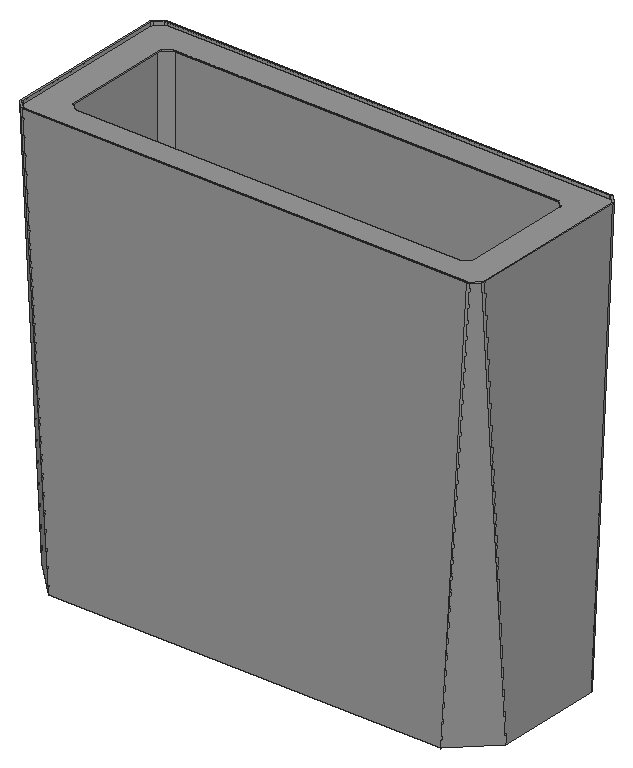
Revit family "KST-1436L-H-PL", category Furniture, Revit 2020
Family settings
  OmniClass Number = 23.40.20.00
  OmniClass Title = General Furniture and Specialties
  Work Plane-Based = No
  Always vertical = Yes
  Cut with Voids When Loaded = No
  Shared = No
  Room Calculation Point = No
Parameters (values of type "33" Tall - 14 x 36" - Planter")
  URL = "https://magnusongroup.com/products/planters/kasta.html"
  Top Material [instance] = RAL6011 GREEN
  Model = "KST-1436L-H-PL"
  Manufacturer = "Magnuson Group"
  Default Elevation = 0' - 0"
  Body Material [instance] = RAL7001 GREY
  33" Tall - 14x36 - Planter Opening = yes
  33" Tall - 14x36 - Planter = yes
Reference planes (in)
  plane 1 "Center Front/Back": y = 0
  plane 2: z = 0
  plane 3 "Center Left/Right": x = 0
  plane 4 "Bottom of Receptacle": z = 0.48416
  plane 5 "Bottom of Receptacle Void": z = 0.58572
Forms (in)
  SweptBlend 1, solid, material "RAL7001 GREY" <- "Body Material", visible <- "33" Tall - 14x36 - Planter"
    path origin (0, 0, 33.53416) x (-1, 0, 0) y (0, 0, -1)
      loop
        line (0, 0) -> (0, 33.05)
    profile origin (0, 0, 33.53416) x (0, -1, 0) y (1, 0, 0)
      loop
        line (6.22145, 18) -> (-6.22145, 18)
        arc (-6.22145, 18) -> (-6.31712, 17.98097) -> (-6.39822, 17.92678) r 0.25
        line (-6.39822, 17.92678) -> (-6.92678, 17.39822)
        arc (-6.92678, 17.39822) -> (-6.98097, 17.31712) -> (-7, 17.22145) r 0.25
        line (-7, 17.22145) -> (-7, -17.22145)
        arc (-7, -17.22145) -> (-6.98097, -17.31712) -> (-6.92678, -17.39822) r 0.25
        line (-6.92678, -17.39822) -> (-6.39822, -17.92678)
        arc (-6.39822, -17.92678) -> (-6.31712, -17.98097) -> (-6.22145, -18) r 0.25
        line (-6.22145, -18) -> (6.22145, -18)
        arc (6.22145, -18) -> (6.31712, -17.98097) -> (6.39822, -17.92678) r 0.25
        line (6.39822, -17.92678) -> (6.92678, -17.39822)
        arc (6.92678, -17.39822) -> (6.98097, -17.31712) -> (7, -17.22145) r 0.25
        line (7, -17.22145) -> (7, 17.22145)
        arc (7, 17.22145) -> (6.98097, 17.31712) -> (6.92678, 17.39822) r 0.25
        line (6.92678, 17.39822) -> (6.39822, 17.92678)
        arc (6.39822, 17.92678) -> (6.31712, 17.98097) -> (6.22145, 18) r 0.25
    end profile origin (0, 0, 0.48416) x (0, -1, 0) y (1, 0, 0)
      loop
        line (-7, -15.205) -> (-4.205, -18) -> (4.205, -18) -> (7, -15.205) -> (7, 15.205) -> (4.205, 18) -> (-4.205, 18) -> (-7, 15.205) -> (-7, -15.205)
  SweptBlend 2, void
    path origin (0, 0, 0.48416) x (1, 0, 0) y (0, 0, 1)
      loop
        line (0, 33.05) -> (0, 0.1)
    profile origin (0, 0, 33.53416) x (0, -1, 0) y (1, 0, 0)
      loop
        arc (-6.35615, -17.82521) -> (-6.27505, -17.87941) -> (-6.17938, -17.89844) r 0.25
        line (-6.17938, -17.89844) -> (6.17938, -17.89844)
        arc (6.17938, -17.89844) -> (6.25554, -17.88655) -> (6.32447, -17.85203) r 0.25
        arc (6.32447, -17.85203) -> (6.34087, -17.83928) -> (6.35615, -17.82521) r 0.25
        line (6.35615, -17.82521) -> (6.82521, -17.35615)
        arc (6.82521, -17.35615) -> (6.87941, -17.27505) -> (6.89844, -17.17938) r 0.25
        line (6.89844, -17.17938) -> (6.89844, 17.17938)
        arc (6.89844, 17.17938) -> (6.87941, 17.27505) -> (6.82521, 17.35615) r 0.25
        line (6.82521, 17.35615) -> (6.35615, 17.82521)
        arc (6.35615, 17.82521) -> (6.27505, 17.87941) -> (6.17938, 17.89844) r 0.25
        line (6.17938, 17.89844) -> (-6.17938, 17.89844)
        arc (-6.17938, 17.89844) -> (-6.27505, 17.87941) -> (-6.35615, 17.82521) r 0.25
        line (-6.35615, 17.82521) -> (-6.82521, 17.35615)
        arc (-6.82521, 17.35615) -> (-6.87941, 17.27505) -> (-6.89844, 17.17938) r 0.25
        line (-6.89844, 17.17938) -> (-6.89844, -17.17938)
        arc (-6.89844, -17.17938) -> (-6.87941, -17.27505) -> (-6.82521, -17.35615) r 0.25
        line (-6.82521, -17.35615) -> (-6.35615, -17.82521)
    end profile origin (0, 0, 0.58416) x (0, -1, 0) y (1, 0, 0)
      loop
        line (-6.89844, 15.16293) -> (-6.89844, -15.16293) -> (-4.16293, -17.89844) -> (4.16293, -17.89844) -> (6.89844, -15.16293) -> (6.89844, 15.16293) -> (4.16293, 17.89844) -> (-4.16293, 17.89844) -> (-6.89844, 15.16293)
  Extrusion 3, solid, material "RAL6011 GREEN" <- "Top Material", visible <- "33" Tall - 14x36 - Planter Opening"
    sketch origin (0, 0, 0.48416) x (0, -1, 0) y (1, 0, 0)
      loop
        arc (-6.35615, -17.82521) -> (-6.27505, -17.87941) -> (-6.17938, -17.89844) r 0.25
        line (-6.17938, -17.89844) -> (6.17938, -17.89844)
        arc (6.17938, -17.89844) -> (6.27505, -17.87941) -> (6.35615, -17.82521) r 0.25
        line (6.35615, -17.82521) -> (6.82521, -17.35615)
        arc (6.82521, -17.35615) -> (6.87941, -17.27505) -> (6.89844, -17.17938) r 0.25
        line (6.89844, -17.17938) -> (6.89844, 17.17938)
        arc (6.89844, 17.17938) -> (6.87941, 17.27505) -> (6.82521, 17.35615) r 0.25
        line (6.82521, 17.35615) -> (6.35615, 17.82521)
        arc (6.35615, 17.82521) -> (6.27505, 17.87941) -> (6.17938, 17.89844) r 0.25
        line (6.17938, 17.89844) -> (-6.17938, 17.89844)
        arc (-6.17938, 17.89844) -> (-6.27505, 17.87941) -> (-6.35615, 17.82521) r 0.25
        line (-6.35615, 17.82521) -> (-6.82521, 17.35615)
        arc (-6.82521, 17.35615) -> (-6.87941, 17.27505) -> (-6.89844, 17.17938) r 0.25
        line (-6.89844, 17.17938) -> (-6.89844, -17.17938)
        arc (-6.89844, -17.17938) -> (-6.87941, -17.27505) -> (-6.82521, -17.35615) r 0.25
        line (-6.82521, -17.35615) -> (-6.35615, -17.82521)
      loop
        line (-4.75, -15) -> (-4.25, -15.5) -> (4.25, -15.5) -> (4.75, -15) -> (4.75, 15) -> (4.25, 15.5) -> (-4.25, 15.5) -> (-4.75, 15) -> (-4.75, -15)
    from 32.73828 to 32.82031
  Extrusion 4, solid, material "RAL9011 BLACK", visible <- "33" Tall - 14x36 - Planter"
    sketch origin (0, 0, 0.48416) x (0, -1, 0) y (1, 0, 0)
      loop
        line (-4.50241, -16.10937) -> (4.50241, -16.10937) -> (5.35938, -15.25241) -> (5.35938, 15.25241) -> (4.50241, 16.10938) -> (-4.50241, 16.10938) -> (-5.35938, 15.25241) -> (-5.35938, -15.25241) -> (-4.50241, -16.10937)
      loop
        line (-5.23438, -15.20063) -> (-4.45063, -15.98437) -> (4.45063, -15.98437) -> (5.23438, -15.20063) -> (5.23438, 15.20063) -> (4.45063, 15.98438) -> (-4.45063, 15.98438) -> (-5.23438, 15.20063) -> (-5.23438, -15.20063)
    from 23.73828 to 32.72656
  Extrusion 5, solid, material "RAL9011 BLACK", visible <- "33" Tall - 14x36 - Planter"
    sketch origin (0, 0, 0.48416) x (0, -1, 0) y (1, 0, 0)
      loop
        line (-5.35938, -15.25241) -> (-4.50241, -16.10937) -> (4.50241, -16.10937) -> (5.35938, -15.25241) -> (5.35938, 15.25241) -> (4.50241, 16.10938) -> (-4.50241, 16.10938) -> (-5.35937, 15.25241) -> (-5.35938, -15.25241)
    from 23.73828 to 23.34239
  Extrusion 6, solid, material "RAL9011 BLACK"
    sketch origin (0, 0, 0) x (1, 0, 0) y (0, 1, 0)
      loop
        circle (-15.625, 4.73438) r 0.31641
      loop
        circle (15.625, 4.73438) r 0.31641
      loop
        circle (15.625, -4.73437) r 0.31641
      loop
        circle (-15.625, -4.73437) r 0.31641
    from 0 to 0.48416
Cuts and joins
  SweptBlend 2 cuts SweptBlend 1
Dimensions and locks (in)
  SweptBlend 1 sketch curve to profile plane to SweptBlend 1 sketch curve = 1' - 6", 1' - 6"  (x2)
  SweptBlend 1 sketch curve to profile plane to SweptBlend 1 sketch curve = 0' - 7", 0' - 7"  (x2)
  SweptBlend 1 sketch curve to SweptBlend 1 sketch curve = 1' - 0.79645"
  SweptBlend 1 sketch curve to profile plane to SweptBlend 1 sketch curve = 1' - 5.39822", 1' - 5.39822"
  SweptBlend 1 sketch curve to profile plane to SweptBlend 1 sketch curve = 1' - 3.205", 1' - 3.205"
  SweptBlend 1 sketch curve to profile plane to SweptBlend 1 sketch curve = 0' - 4.205", 0' - 4.205"
  Extrusion 3 sketch curve to Extrusion 3 sketch curve = 0' - 9 1/2"
  Extrusion 3 sketch curve to Extrusion 3 sketch curve = 2' - 7"
  Extrusion 3 sketch curve to Extrusion 3 sketch curve = 2' - 6"
  Extrusion 3 sketch curve to Extrusion 3 sketch curve = 0' - 8 1/2"
  aligned and locked: level to plane 2
